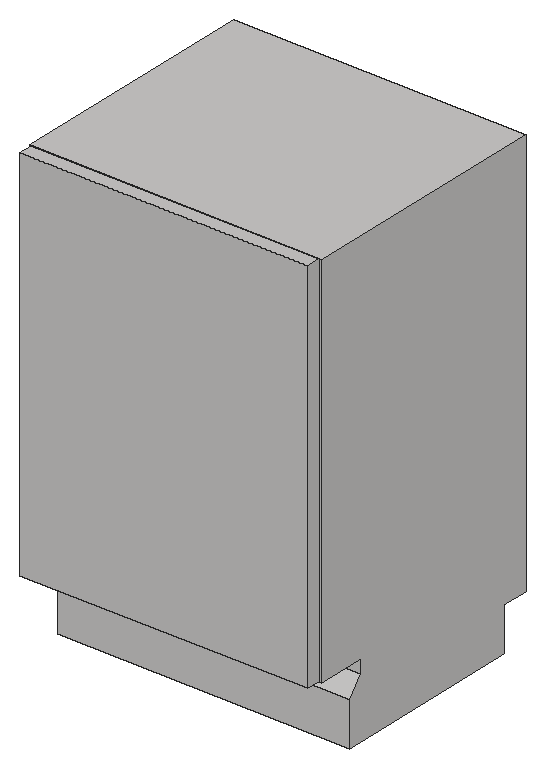
Revit family "DF481763F", category Generic Models, Revit 2014
Parameters (values of type "DF481763F")
  Width = 598 mm
  URL = "http://www.gaggenau.com."
  Model = "DF481763F"
  Manufacturer = "Gaggenau"
  Height = 927 mm
  Handle = Metal Panel
  Fridge = Metal Panel
  Door = Metal Panel
  Description = "Gaggenau 400 series push-to-open dishwasher, tall tub, 8 programs, 3rd rack, soft-closing, back wall lighting, FLEXIBLE HINGE"
  Depth = 550 mm
Reference planes
  plane 1 "Center (Front/Back)": y = 0
  plane 2: z = 0
  plane 3 "Center (Left/Right)": x = 0
  plane 4: x = -299
  plane 5: x = 299
  plane 6: z = 927
  plane 7: z = 152
  plane 8: z = 89
  plane 9: z = 20
  plane 10: y = 275
  plane 11: y = -275
Forms (mm)
  Extrusion 1, solid, material "Metal Panel" <- "Fridge"
    sketch origin (0, 0, 0) x (0, 1, 0) y (0, 0, 1)
      loop
        line (275, 89) -> (275, 927) -> (-246.075, 927) -> (-246.075, 152) -> (-146.075, 152) -> (-146.075, 123.472) -> (-175, 89) -> (-175, 0) -> (220, 0) -> (220, 89) -> (275, 89)
    from -299 to 299
  Extrusion 2, solid, material "Metal Panel" <- "Door"
    sketch origin (0, 0, 0) x (0, 1, 0) y (0, 0, 1)
      loop
        line (-275, 927) -> (-275, 152) -> (-246.075, 152) -> (-246.075, 927) -> (-275, 927)
    from -295.471 to 293.529
Dimensions and locks
  "Width": plane 4 to plane 5
  equal spacing: plane 4, plane 3 "Center (Left/Right)", plane 5
  "Height": plane 6 to level
  plane 7 to plane 2 = 152 mm
  plane 6 to plane 7 = 775 mm
  equal spacing: plane 10, plane 1 "Center (Front/Back)", plane 11
  "Depth": plane 10 to plane 11
  aligned and locked: level to plane 2
  aligned and locked: plane 6 to Extrusion 2
Automatic sketch dimensions
  Extrusion 1 sketch curve to plane 6 = 0 mm
  Extrusion 1 sketch curve to plane 7 = 0 mm
  Extrusion 1 sketch curve to plane 8 = 0 mm  (x2)
  Extrusion 1 sketch curve to level = 0 mm
  Extrusion 1 sketch curve to plane 10 = 0 mm
  Extrusion 1 sketch curve to plane 10 = 55 mm
  plane 11 to Extrusion 1 sketch curve = 128.925 mm
  Extrusion 1 sketch curve to Extrusion 1 sketch curve = 28.925 mm
  plane 11 to Extrusion 1 sketch curve = 28.925 mm
  Extrusion 1 sketch curve to plane 7 = 28.528 mm
  Extrusion 2 sketch curve to plane 7 = 0 mm
  Extrusion 2 sketch curve to plane 11 = 0 mm
  plane 11 to Extrusion 2 sketch curve = 28.925 mm
  Extrusion 2 sketch curve to plane 6 = 0 mm
